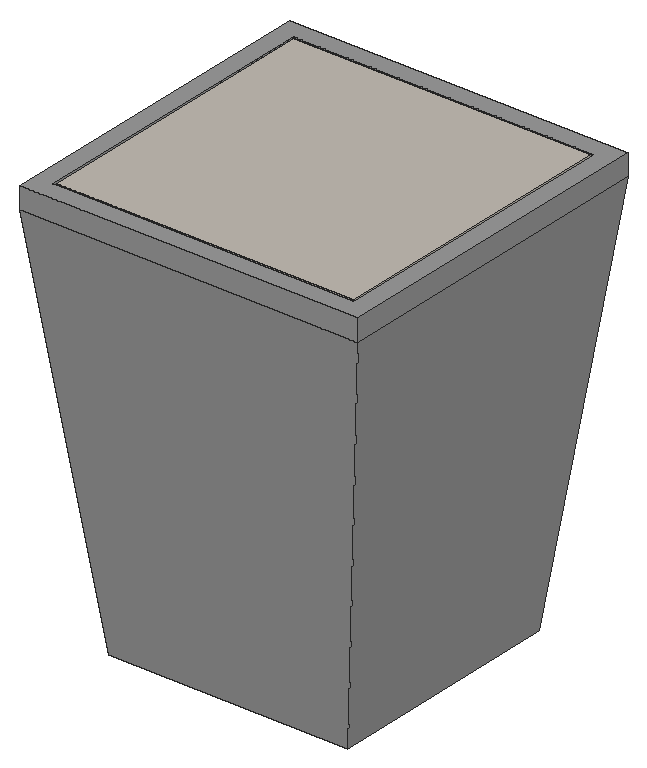
Revit family "ACO Cablemate Polycrete", category Mechanical Equipment, Revit 2016
Family settings
  Part Type = Normal
  Round Connector Dimension = Use Diameter
  OmniClass Number = 23.30.10.27.27
  OmniClass Title = Security Hatches
  Work Plane-Based = No
  Always vertical = Yes
  Cut with Voids When Loaded = No
  Shared = Yes
  Room Calculation Point = Yes
Parameters (values of type "Type 33")
  width_05_C_ANZRS [instance] = size_lookup(lookup_table_name, "W5", 0 mm, type_index, material_index)  # 315 mm
  width_04_C_ANZRS [instance] = size_lookup(lookup_table_name, "W3", 0 mm, type_index, material_index)  # 220 mm
  width_03_C_ANZRS [instance] = size_lookup(lookup_table_name, "W3", 0 mm, type_index, material_index)  # 220 mm
  width_02_C_ANZRS [instance] = size_lookup(lookup_table_name, "W2", 0 mm, type_index, material_index)  # 353 mm
  width_01_C_ANZRS [instance] = size_lookup(lookup_table_name, "W1", 0 mm, type_index, material_index)  # 250 mm
  type_index = 1
  riser_height_2 [instance] = if(riser_2, 1000 mm, 1000 mm)  # 1000 mm
  riser_height_1 [instance] = if(and(riser_1, riser_2, not(riser_check)), 1300 mm, 999 mm)  # 999 mm
  riser_height [instance] = if(type_index = 1, 1325 mm, 1500 mm)  # 1325 mm
  riser_check [instance] = or(type_index = 6, type_index = 7)  # no
  riser_availability [instance] = if(riser_check, "No riser available", "-")  # "-"
  riser_2_check [instance] = and(riser_2, riser_1, or(type_index = 1, type_index = 2, type_index = 3, type_index = 4, type_index = 5, type_index = 8, type_index = 9, type_index = 10))  # no
  riser_2 [instance] = no
  riser_1_check [instance] = and(riser_1, or(type_index = 1, type_index = 2, type_index = 3, type_index = 4, type_index = 5, type_index = 8, type_index = 9, type_index = 10))  # no
  riser_1 [instance] = no
  region_index = 1  # constant formula
  product_index [instance] = size_lookup(lookup_table_name, "pi", 0, type_index, material_index)  # 1
  product_assortment_C_ANZRS [instance] = "Cablemate"  # constant formula
  pit_height [instance] = if(and(riser_check, (or(riser_1, riser_2))), 1000 mm, if(and(riser_1, riser_2), 1600 mm, if(riser_1, 1300 mm, 1000 mm)))  # 1000 mm
  net_mass_S_ANZRS [instance] = if(product_index = 10, 162.00 kg, if(product_index = 9, 95.00 kg, if(product_index = 8, 84.00 kg, if(product_index = 7, 52.00 kg, if(product_index = 6, 19.00 kg, if(product_index = 5, 147.00 kg, if(product_index = 4, 116.00 kg, if(product_index = 3, 62.00 kg, if(product_index = 2, 45.00 kg, if(product_index = 1, 19.00 kg, 0.00 kg))))))))))  # 19.00 kg
  material_index [instance] = 1  # constant formula
  material_C_ANZRS = Polymer Concrete
  lookup_table_name = "Cable pit"  # constant formula
  lids [instance] = lids_assembly : Polymer concrete lid -Blank
  length_05_C_ANZRS [instance] = size_lookup(lookup_table_name, "L5", 0 mm, type_index, material_index)  # 315 mm
  length_04_C_ANZRS [instance] = size_lookup(lookup_table_name, "L4", 0 mm, type_index, material_index)  # 262 mm
  length_03_C_ANZRS [instance] = size_lookup(lookup_table_name, "L3", 0 mm, type_index, material_index)  # 220 mm
  length_02_C_ANZRS [instance] = size_lookup(lookup_table_name, "L2", 0 mm, type_index, material_index)  # 353 mm
  length_01_C_ANZRS [instance] = size_lookup(lookup_table_name, "L1", 0 mm, type_index, material_index)  # 250 mm
  intended_use_C_ANZRS = "Electricity and communications"  # constant formula
  instructions_for_use = "https://www.acocablemate.com.au/product-support/installation-guidance/"
  installation_manual = "https://www.acocablemate.com.au/product-support/installation-guidance/"
  info_technical_C_ANZRS = "https://www.acocablemate.com.au/product-support/downloads/?id=0"
  info_commercial_C_ANZRS = "https://www.acocablemate.com.au/product-support/downloads/?id=0"
  height_04_C_ANZRS [instance] = size_lookup(lookup_table_name, "H4", 0 mm, type_index, material_index)  # 20 mm
  height_03_C_ANZRS [instance] = pit_height  # 1000 mm
  height_02_C_ANZRS [instance] = size_lookup(lookup_table_name, "H2", 0 mm, type_index, material_index)  # 421 mm
  height_01_C_ANZRS [instance] = size_lookup(lookup_table_name, "H1", 0 mm, type_index, material_index)  # 444 mm
  email sales = "sales@acoaus.com.au"
  email Technical = "sales@acoaus.com.au"
  description_C_ANZRS [instance] = if(product_index = 10, "Type 8 Pit", if(product_index = 9, "Type 96 Pit", if(product_index = 8, "Type 95 Pit", if(product_index = 7, "Type 63 Pit", if(product_index = 6, "Type 52 Pit", if(product_index = 5, "Type 99 Pit", if(product_index = 4, "Type 66H Pit", if(product_index = 3, "Type 66 Pit", if(product_index = 2, "Type 45 Pit", if(product_index = 1, "Type 33 Pit", "0"))))))))))  # "Type 33 Pit"
  desc_uk [instance] = if(product_index = 10, "Type 8 Pit", if(product_index = 9, "Type 96 Pit", if(product_index = 8, "Type 95 Pit", if(product_index = 7, "Type 63 Pit", if(product_index = 6, "Type 52 Pit", if(product_index = 5, "Type 99 Pit", if(product_index = 4, "Type 66H Pit", if(product_index = 3, "Type 66 Pit", if(product_index = 2, "Type 45 Pit", if(product_index = 1, "Type 33 Pit", "0"))))))))))  # "Type 33 Pit"
  content_version_C_ANZRS = "1.0"  # constant formula
  content_date_changed_C_ANZRS = "07-07-2020"  # constant formula
  content_creator_C_ANZRS = "ACO Technology Centre, INDIA"  # constant formula
  code_specification_URL_C_ANZRS = ""
  code_gtin_C_ANZRS [instance] = "-"  # constant formula
  code_article_C_ANZRS [instance] = if(product_index = 10, "74991", if(product_index = 9, "74429", if(product_index = 8, "74845", if(product_index = 7, "74747", if(product_index = 6, "74651", if(product_index = 5, "75489", if(product_index = 4, "75226", if(product_index = 3, "75105", if(product_index = 2, "75362", if(product_index = 1, "75244", "0"))))))))))  # "75244"
  WARNING! [instance] = if(and(riser_2, not(riser_1)), "selection of riser is from 1 and then 2", "")  # ""
  URL = "www.acocablemate.com.au"
  Type Comments = "Polymer concrete pits have excellent insulation properties, high mechanical strengths, chemical resistance and zero water absorption, which makes them ideal as electrical and communications enclosures. "  # constant formula
  Telephone = "1300 765 226"  # constant formula
  Model = "ACO Polymer Concrete Pit with lids and riser assembly"  # constant formula
  Manufacturer = "ACO"  # constant formula
  IfcExportType = "Gridtype"  # constant formula
  IfcExportAs = "UserDefined"  # constant formula
  IfcDescription = Description  # "Cablemate"
  Description = "Cablemate"  # constant formula
  D1 [instance] = size_lookup(lookup_table_name, "D1", 0 mm, type_index)  # 120 mm
  B [instance] = size_lookup(lookup_table_name, "B", 0 mm, type_index, material_index)  # 153 mm
  Assembly Code = ""
  Address = "ACO Pty Ltd, Australia"  # constant formula
  A [instance] = size_lookup(lookup_table_name, "A", 0 mm, type_index, material_index)  # 153 mm
Types (10, lengths in mm): name | width_05_C_ANZRS | width_04_C_ANZRS | width_03_C_ANZRS | width_02_C_ANZRS | width_01_C_ANZRS | type_index | riser_height | riser_check | riser_availability | product_index | net_mass_S_ANZRS | lids | length_05_C_ANZRS | length_04_C_ANZRS | length_03_C_ANZRS | length_02_C_ANZRS | length_01_C_ANZRS | height_04_C_ANZRS | height_02_C_ANZRS | height_01_C_ANZRS | description_C_ANZRS | desc_uk | code_article_C_ANZRS | B | A
  Type 33 | 315 | 220 | 220 | 353 | 250 | 1 | 1325 | no | "-" | 1 | 19.00 kg | lids_assembly : Polymer concrete lid -Blank | 315 | 262 | 220 | 353 | 250 | 20 | 421 | 444 | "Type 33 Pit" | "Type 33 Pit" | "75244" | 153 | 153
  Type 45 | 475 | 366 | 366 | 511 | 399 | 2 | 1500 | no | "-" | 2 | 45.00 kg | lids_assembly : Polymer concrete lid -Blank | 475 | 421 | 366 | 511 | 399 | 50 | 547 | 604 | "Type 45 Pit" | "Type 45 Pit" | "75362" | 311 | 311
  Type 66 | 625 | 514 | 514 | 663 | 544 | 3 | 1500 | no | "-" | 3 | 62.00 kg | lids_assembly : Polymer concrete lid -Blank | 625 | 571 | 514 | 663 | 544 | 50 | 563 | 618 | "Type 66 Pit" | "Type 66 Pit" | "75105" | 463 | 463
  Type 66H | 625 | 483 | 483 | 663 | 512 | 4 | 1500 | no | "-" | 4 | 116.00 kg | lids_assembly : Polymer concrete lid -Blank | 625 | 571 | 483 | 663 | 512 | 50 | 864 | 918 | "Type 66H Pit" | "Type 66H Pit" | "75226" | 463 | 463
  Type 99 | 940 | 820 | 820 | 990 | 855 | 5 | 1500 | no | "-" | 5 | 147.00 kg | lids_assembly : Polymer concrete lid -Blank | 940 | 875 | 820 | 990 | 855 | 50 | 517 | 582 | "Type 99 Pit" | "Type 99 Pit" | "75489" | 790 | 790
  Type 52 | 190 | 111 | 111 | 228 | 140 | 6 | 1500 | yes | "No riser available" | 6 | 19.00 kg | lids_assembly : Polymer concrete lid -Blank | 477 | 439 | 398 | 515 | 427 | 20 | 411 | 436 | "Type 52 Pit" | "Type 52 Pit" | "74651" | 28 | 315
  Type 63 | 265 | 153 | 153 | 303 | 183 | 7 | 1500 | yes | "No riser available" | 7 | 52.00 kg | lids_assembly : Polymer concrete lid -Blank | 614 | 576 | 502 | 652 | 532 | 20 | 720 | 743 | "Type 63 Pit" | "Type 63 Pit" | "74747" | 103 | 452
  Type 95 | 472 | 365 | 365 | 510 | 394 | 8 | 1500 | no | "-" | 8 | 84.00 kg | lids_assembly : Cement concrete lid -Communications | 940 | 876 | 823 | 978 | 852 | 50 | 533 | 588 | "Type 95 Pit" | "Type 95 Pit" | "74845" | 310 | 778
  Type 96 | 645 | 527 | 527 | 683 | 554 | 9 | 1500 | no | "-" | 9 | 95.00 kg | lids_assembly : Polymer concrete lid -Blank | 945 | 891 | 827 | 983 | 864 | 50 | 562 | 618 | "Type 96 Pit" | "Type 96 Pit" | "74429" | 483 | 783
  Type 8 | 505 | 342 | 342 | 541 | 388 | 10 | 1500 | no | "-" | 10 | 162.00 kg | lids_assembly : Steel lid | 1315 | 1251 | 1168 | 1351 | 1198 | 50 | 841 | 902 | "Type 8 Pit" | "Type 8 Pit" | "74991" | 341 | 1151
Reference planes
  plane 1 "Center (Front/Back)": y = 0
  plane 2: z = 0
  plane 3 "Center (Left/Right)": x = 0
  plane 4: x = -125
  plane 5: x = 125
  plane 6: y = 125
  plane 7: y = -125
  plane 8: x = -176.5
  plane 9: y = -176.5
  plane 10: x = 176.5
  plane 11: y = 176.5
  plane 12: z = -1444
  plane 13: z = -1023
  plane 14: z = -1000
  plane 15: x = -110
  plane 16: y = -110
  plane 17: x = 110
  plane 18: y = 110
  plane 19: x = -110
  plane 20: y = 131
  plane 21: x = 110
  plane 22: y = -131
  plane 23: z = -1429
  plane 24: x = -157.5
  plane 25: y = -157.5
  plane 26: x = 157.5
  plane 27: y = 157.5
  plane 28: z = -1020
  plane 29: y = -76.5
  plane 30: y = -176.5
  plane 31: y = 76.5
  plane 32: y = 176.5
  plane 33: x = -176.5
  plane 34: x = 176.5
  plane 35: x = 76.5
  plane 36: x = -76.5
  plane 37 "top": z = -1000
Forms (mm)
  Blend 1, solid, material "Polymer Concrete" <- "material_C_ANZRS"
    base sketch origin (0, 0, 0) x (1, 0, 0) y (0, 1, 0)
      loop
        line (-125, 125) -> (-125, -125) -> (125, -125) -> (125, 125) -> (-125, 125)
    top sketch origin (0, 0, 0) x (1, 0, 0) y (0, 1, 0)
      loop
        line (-176.5, 176.5) -> (-176.5, -176.5) -> (176.5, -176.5) -> (176.5, 176.5) -> (-176.5, 176.5)
    from -1444 to -1023
  Extrusion 2, solid, material "Polymer Concrete" <- "material_C_ANZRS"
    sketch origin (42.043, 0, 0) x (1, 0, 0) y (0, 1, 0)
      loop
        line (-218.543, 176.5) -> (-218.543, -176.5) -> (134.457, -176.5) -> (134.457, 176.5) -> (-218.543, 176.5)
    from -1023 to -1000
  Blend 3, void
    base sketch origin (0, 0, 0) x (1, 0, 0) y (0, 1, 0)
      loop
        line (-110, 110) -> (-110, -110) -> (110, -110) -> (110, 110) -> (-110, 110)
    top sketch origin (0, 0, 0) x (1, 0, 0) y (0, 1, 0)
      loop
        line (-110, 131) -> (-110, -131) -> (110, -131) -> (110, 131) -> (-110, 131)
    from -1429 to -1000
  Extrusion 4, void
    sketch origin (0, 0, 0) x (1, 0, 0) y (0, 1, 0)
      loop
        line (-157.5, 157.5) -> (-157.5, -157.5) -> (157.5, -157.5) -> (157.5, 157.5) -> (-157.5, 157.5)
    from -1020 to -1000
Cuts and joins
  Blend 3 cuts Blend 1
  Blend 3, Extrusion 4 cuts Extrusion 2
  joined: Blend 1, Extrusion 2
Dimensions and locks
  equal spacing: plane 6, plane 1 "Center (Front/Back)", plane 7
  equal spacing: plane 4, plane 3 "Center (Left/Right)", plane 5
  "length_01_C_ANZRS": plane 6 to plane 7
  "width_01_C_ANZRS": plane 4 to plane 5
  equal spacing: plane 9, plane 1 "Center (Front/Back)", plane 11
  equal spacing: plane 8, plane 3 "Center (Left/Right)", plane 10
  "length_02_C_ANZRS": plane 9 to plane 11
  "width_02_C_ANZRS": plane 8 to plane 10
  "height_02_C_ANZRS": plane 13 to plane 12
  "height_03_C_ANZRS": level to plane 14
  "height_01_C_ANZRS": plane 14 to plane 12
  equal spacing: plane 18, plane 1 "Center (Front/Back)", plane 16
  equal spacing: plane 15, plane 3 "Center (Left/Right)", plane 17
  "length_03_C_ANZRS": plane 18 to plane 16
  "width_03_C_ANZRS": plane 15 to plane 17
  equal spacing: plane 20, plane 1 "Center (Front/Back)", plane 22
  equal spacing: plane 19, plane 3 "Center (Left/Right)", plane 21
  "length_04_C_ANZRS": plane 20 to plane 22
  "width_04_C_ANZRS": plane 19 to plane 21
  locked: plane 23 to plane 12 at 15
  equal spacing: plane 27, plane 1 "Center (Front/Back)", plane 25
  equal spacing: plane 24, plane 3 "Center (Left/Right)", plane 26
  "length_05_C_ANZRS": plane 27 to plane 25
  "width_05_C_ANZRS": plane 24 to plane 26
  "height_04_C_ANZRS": plane 14 to plane 28
  locked: plane 29 to plane 30 at 100
  equal spacing: plane 31, plane 1 "Center (Front/Back)", plane 29
  locked: plane 32 to plane 31 at 100
  "A": plane 31 to plane 29
  equal spacing: plane 35, plane 3 "Center (Left/Right)", plane 36
  "B": plane 35 to plane 36
  locked: plane 36 to plane 33 at 100
  locked: plane 34 to plane 35 at 100
  "riser_height_1": level to nested 3
  "riser_height_2": level to nested 4
  locked: level to plane 37 "top" at 1000
  aligned and locked: level to plane 2
  aligned and locked: Blend 1 sketch curve to plane 6
  aligned and locked: plane 4 to Blend 1 sketch curve
  aligned and locked: plane 7 to Blend 1 sketch curve
  aligned and locked: Blend 1 sketch curve to plane 5
  aligned and locked: plane 11 to Blend 1 sketch curve
  aligned and locked: plane 8 to Blend 1 sketch curve
  aligned and locked: plane 9 to Blend 1 sketch curve
  aligned and locked: plane 10 to Blend 1 sketch curve
  aligned and locked: plane 12 to Blend 1
  aligned and locked: plane 13 to Blend 1
  aligned and locked: Extrusion 2 sketch curve to Blend 1  (x2)
  aligned and locked: Blend 3 sketch curve to plane 18
  aligned and locked: plane 15 to Blend 3 sketch curve
  aligned and locked: plane 16 to Blend 3 sketch curve
  aligned and locked: Blend 3 sketch curve to plane 17
  aligned and locked: Blend 3 sketch curve to plane 20
  aligned and locked: plane 19 to Blend 3 sketch curve
  aligned and locked: plane 22 to Blend 3 sketch curve
  aligned and locked: Blend 3 sketch curve to plane 21
  aligned and locked: Blend 3 to plane 23
  aligned and locked: plane 14 to Blend 3
  aligned and locked: Extrusion 4 sketch curve to plane 27
  aligned and locked: plane 24 to Extrusion 4 sketch curve
  aligned and locked: plane 25 to Extrusion 4 sketch curve
  aligned and locked: plane 26 to Extrusion 4 sketch curve
  aligned and locked: Extrusion 4 to plane 28
  aligned and locked: plane 14 to Extrusion 4
  aligned and locked: cut or joined group of Blend 1, Extrusion 2, Blend 3, Extrusion 4 to plane 34
  aligned and locked: cut or joined group of Blend 1, Extrusion 2, Blend 3, Extrusion 4 to plane 33
  aligned and locked: Extrusion 2 to Blend 1
  aligned and locked: plane 14 to cut or joined group of Blend 1, Extrusion 2, Blend 3, Extrusion 4
Automatic sketch dimensions
  Extrusion 2 sketch curve to plane 3 "Center (Left/Right)" = 176.5 mm
  plane 3 "Center (Left/Right)" to Extrusion 2 sketch curve = 176.5 mm
Nested families
  nested 1: "lids_assembly" at (0, 0, -1000), type_index <- "type_index", type <- "lids", type "Polymer concrete lid -Blank"
    with type_index 1
  nested 2: "ZZZ_do not use_ME_cablemate_lid_ACO" at (0, 0, -1000), type "std(nested)"
    with type_index 1, product_index 1, product_assortment_C_ANZRS "Cablemate", net_mass_S_ANZRS 6.00 kg, material_index 1, material_01_C_ANZRS concrete, polymer, length_02_C_ANZRS 310 mm, length_01_C_ANZRS 310 mm, functionality_index 1, description_C_ANZRS "Type 33 Polymer concrete lid (AS 3996 Cl A) - Blank ", desc_uk "Type 33 Polymer concrete lid (AS 3996 Cl A) - Blank ", depth_01_C_ANZRS 20 mm, code_gtin_C_ANZRS "-", code_article_C_ANZRS "75282", 2_lid_visibility no
  nested 3: "ZZZ_do not use_ME_cablemate_riser_ACO" at (0, 0, -999), material_C_ANZRS <- "material_C_ANZRS", type_index <- "type_index", visible <- "riser_1_check", soldis_visible <- "riser_1_check", type "std(nested)"
    with width_04_C_ANZRS 278 mm, width_03_C_ANZRS 263 mm, width_02_C_ANZRS 309 mm, width_01_C_ANZRS 351 mm, type_index 1, soldis_visible no, product_index 1, product_assortment_C_ANZRS "Cablemate", net_mass_S_ANZRS 15.00 kg, material_index 1, material_C_ANZRS Polymer Concrete, length_04_C_ANZRS 278 mm, length_03_C_ANZRS 263 mm, length_02_C_ANZRS 309 mm, length_01_C_ANZRS 351 mm, height_02_C_ANZRS 20 mm, height_01_C_ANZRS 320 mm, description_C_ANZRS " Type 33 polymer concrete riser", desc_uk " Type 33 polymer concrete riser", code_gtin_C_ANZRS "-", code_article_C_ANZRS "75265"
  nested 4: "ZZZ_do not use_ME_cablemate_riser_ACO" at (0, 0, -1000), visible <- "riser_2_check", material_C_ANZRS <- "material_C_ANZRS", type_index <- "type_index", soldis_visible <- "riser_2_check", type "std(nested)"
    with width_04_C_ANZRS 278 mm, width_03_C_ANZRS 263 mm, width_02_C_ANZRS 309 mm, width_01_C_ANZRS 351 mm, type_index 1, soldis_visible no, product_index 1, product_assortment_C_ANZRS "Cablemate", net_mass_S_ANZRS 15.00 kg, material_index 1, material_C_ANZRS Polymer Concrete, length_04_C_ANZRS 278 mm, length_03_C_ANZRS 263 mm, length_02_C_ANZRS 309 mm, length_01_C_ANZRS 351 mm, height_02_C_ANZRS 20 mm, height_01_C_ANZRS 320 mm, description_C_ANZRS " Type 33 polymer concrete riser", desc_uk " Type 33 polymer concrete riser", code_gtin_C_ANZRS "-", code_article_C_ANZRS "75265"
Definition of nested family "ZZZ_do not use_ME_cablemate_lid_ACO"
  Parameters (values of type "std(nested)")
    type_index [instance] = 1
    region_index = 1  # constant formula
    product_index [instance] = size_lookup(lookup_table_name, "pi", 0, type_index, material_index, functionality_index)  # 1
    product_assortment_C_ANZRS [instance] = "Cablemate"  # constant formula
    net_mass_S_ANZRS [instance] = if(product_index = 47, 39.00 kg, if(product_index = 46, 30.00 kg, if(product_index = 45, 46.00 kg, if(product_index = 44, 46.00 kg, if(product_index = 43, 46.00 kg, if(product_index = 42, 39.00 kg, if(product_index = 41, 31.00 kg, if(product_index = 40, 69.00 kg, if(product_index = 39, 69.00 kg, if(product_index = 38, 69.00 kg, if(product_index = 37, 25.00 kg, if(product_index = 36, 20.00 kg, if(product_index = 35, 29.00 kg, if(product_index = 34, 29.00 kg, if(product_index = 33, 29.00 kg, if(product_index = 32, 6.00 kg, if(product_index = 31, 9.00 kg, if(product_index = 30, 9.00 kg, if(product_index = 29, 9.00 kg, if(product_index = 28, 3.00 kg, if(product_index = 27, 5.00 kg, if(product_index = 26, 5.00 kg, if(product_index = 25, 5.00 kg, if(product_index = 24, 45.00 kg, if(product_index = 23, 45.00 kg, if(product_index = 22, 62.00 kg, if(product_index = 21, 62.00 kg, if(product_index = 20, 62.00 kg, if(product_index = 19, 22.00 kg, if(product_index = 18, 17.00 kg, if(product_index = 17, 24.00 kg, if(product_index = 16, 24.00 kg, if(product_index = 15, 24.00 kg, if(product_index = 14, 22.00 kg, if(product_index = 13, 17.00 kg, if(product_index = 12, 24.00 kg, if(product_index = 11, 24.00 kg, if(product_index = 10, 24.00 kg, if(product_index = 9, 14.00 kg, if(product_index = 8, 11.00 kg, if(product_index = 7, 15.00 kg, if(product_index = 6, 15.00 kg, if(product_index = 5, 15.00 kg, if(product_index = 4, 3.00 kg, if(product_index = 3, 6.00 kg, if(product_index = 2, 6.00 kg, if(product_index = 1, 6.00 kg, 0.00 kg)))))))))))))))))))))))))))))))))))))))))))))))  # 6.00 kg
    material_index [instance] = 1
    material_01_C_ANZRS [instance] = none
    lookup_table_name = "cable pit_lid"  # constant formula
    length_02_C_ANZRS [instance] = size_lookup(lookup_table_name, "w", 0 mm, type_index, material_index, functionality_index)  # 310 mm
    length_01_C_ANZRS [instance] = size_lookup(lookup_table_name, "l", 0 mm, type_index, material_index, functionality_index)  # 310 mm
    intended_use_C_ANZRS = "Electricity and communications"  # constant formula
    instructions_for_use = "https://www.acocablemate.com.au/product-support/installation-guidance/"
    installation_manual = "https://www.acocablemate.com.au/product-support/installation-guidance/"
    info_technical_C_ANZRS = "https://www.acocablemate.com.au/product-support/downloads/?id=0"
    info_commercial_C_ANZRS = "https://www.acocablemate.com.au/product-support/downloads/?id=0"
    functionality_index [instance] = 1
    e-mail sales = "sales@acoaus.com.au"
    e-mail Technical = "sales@acoaus.com.au"
    description_C_ANZRS [instance] = if(product_index = 47, "Type 8 Steel 2 part PowerLok lid (AS 3996 Cl B) ", if(product_index = 46, "Type 8 Steel 2 part lid (AS 3996 Cl B)", if(product_index = 45, "Type 8 Cement concrete 2 part lid (AS 3996 Cl A) - Electricity ", if(product_index = 44, "Type 8 Cement concrete 2 part lid (AS 3996 Cl A) - Communications ", if(product_index = 43, "Type 8 Cement concrete 2 part lid (AS 3996 Cl A) - Blank ", if(product_index = 42, "Type 96 Steel 2 part PowerLok lid (AS 3996 Cl B) ", if(product_index = 41, "Type 96 Steel 2 part lid (AS 3996 Cl B)", if(product_index = 40, "Type 96 Polymer concrete 2 part lid (AS 3996 Cl A) - Electricity ", if(product_index = 39, "Type 96 Polymer concrete 2 part lid (AS 3996 Cl A) - Communications ", if(product_index = 38, "Type 96 Polymer concrete 2 part lid (AS 3996 Cl A) - Blank ", if(product_index = 37, "Type 95 Steel PowerLok lid (AS 3996 Cl B) ", if(product_index = 36, "Type 95 Steel lid (AS 3996 Cl B)", if(product_index = 35, "Type 95 Polymer concrete lid (AS 3996 Cl A) - Electricity ", if(product_index = 34, "Type 95 Polymer concrete lid (AS 3996 Cl A) - Communications ", if(product_index = 33, "Type 95 Polymer concrete lid (AS 3996 Cl A) - Blank ", if(product_index = 32, "Type 63 Steel lid (AS 3996 Cl B)", if(product_index = 31, "Type 63 Polymer concrete lid (AS 3996 Cl A) - Electricity ", if(product_index = 30, "Type 63 Polymer concrete lid (AS 3996 Cl A) - Communications ", if(product_index = 29, "Type 63 Polymer concrete lid (AS 3996 Cl A) - Blank ", if(product_index = 28, "Type 52 Steel lid (AS 3996 Cl B)", if(product_index = 27, "Type 52 Polymer concrete lid (AS 3996 Cl A) - Electricity ", if(product_index = 26, "Type 52 Polymer concrete lid (AS 3996 Cl A) - Communications ", if(product_index = 25, "Type 52 Polymer concrete lid (AS 3996 Cl A) - Blank ", if(product_index = 24, "Type 99 Steel 2 part PowerLok lid (AS 3996 Cl B) ", if(product_index = 23, "Type 99 Steel 2 part lid (AS 3996 Cl B)", if(product_index = 22, "Type 99 Polymer concrete 2 part lid (AS 3996 Cl A) - Electricity ", if(product_index = 21, "Type 99 Polymer concrete 2 part lid (AS 3996 Cl A) - Communications ", if(product_index = 20, "Type 99 Polymer concrete 2 part lid (AS 3996 Cl A) - Blank ", if(product_index = 19, "Type 66H Steel PowerLok lid (AS 3996 Cl B) ", if(product_index = 18, "Type 66H Steel lid (AS 3996 Cl B)", if(product_index = 17, "Type 66H Polymer concrete lid (AS 3996 Cl A) - Electricity ", if(product_index = 16, "Type 66H Polymer concrete lid (AS 3996 Cl A) - Communications ", if(product_index = 15, "Type 66H Polymer concrete lid (AS 3996 Cl A) - Blank ", if(product_index = 14, "Type 66 Steel PowerLok lid (AS 3996 Cl B)", if(product_index = 13, "Type 66 Steel lid (AS 3996 Cl B)", if(product_index = 12, "Type 66 Polymer concrete lid (AS 3996 Cl A) - Electricity ", if(product_index = 11, "Type 66 Polymer concrete lid (AS 3996 Cl A) - Communications ", if(product_index = 10, "Type 66 Polymer concrete lid (AS 3996 Cl A) - Blank ", if(product_index = 9, "Type 45 Steel PowerLok lid (AS 3996 Cl B)", if(product_index = 8, "Type 45 Steel lid (AS 3996 Cl B)", if(product_index = 7, "Type 45 Polymer concrete lid (AS 3996 Cl A) - Electricity ", if(product_index = 6, "Type 45 Polymer concrete lid (AS 3996 Cl A) - Communications ", if(product_index = 5, "Type 45 Polymer concrete lid (AS 3996 Cl A) - Blank ", if(product_index = 4, "Type 33 Steel lid (AS 3996 Cl B)", if(product_index = 3, "Type 33 Polymer concrete lid (AS 3996 Cl A) - Electricity ", if(product_index = 2, "Type 33 Polymer concrete lid (AS 3996 Cl A) - Communications", if(product_index = 1, "Type 33 Polymer concrete lid (AS 3996 Cl A) - Blank ", "NA")))))))))))))))))))))))))))))))))))))))))))))))  # "Type 33 Polymer concrete lid (AS 3996 Cl A) - Blank "
    desc_uk [instance] = if(product_index = 47, "Type 8 Steel 2 part PowerLok lid (AS 3996 Cl B) ", if(product_index = 46, "Type 8 Steel 2 part lid (AS 3996 Cl B)", if(product_index = 45, "Type 8 Cement concrete 2 part lid (AS 3996 Cl A) - Electricity ", if(product_index = 44, "Type 8 Cement concrete 2 part lid (AS 3996 Cl A) - Communications ", if(product_index = 43, "Type 8 Cement concrete 2 part lid (AS 3996 Cl A) - Blank ", if(product_index = 42, "Type 96 Steel 2 part PowerLok lid (AS 3996 Cl B) ", if(product_index = 41, "Type 96 Steel 2 part lid (AS 3996 Cl B)", if(product_index = 40, "Type 96 Polymer concrete 2 part lid (AS 3996 Cl A) - Electricity ", if(product_index = 39, "Type 96 Polymer concrete 2 part lid (AS 3996 Cl A) - Communications ", if(product_index = 38, "Type 96 Polymer concrete 2 part lid (AS 3996 Cl A) - Blank ", if(product_index = 37, "Type 95 Steel PowerLok lid (AS 3996 Cl B) ", if(product_index = 36, "Type 95 Steel lid (AS 3996 Cl B)", if(product_index = 35, "Type 95 Polymer concrete lid (AS 3996 Cl A) - Electricity ", if(product_index = 34, "Type 95 Polymer concrete lid (AS 3996 Cl A) - Communications ", if(product_index = 33, "Type 95 Polymer concrete lid (AS 3996 Cl A) - Blank ", if(product_index = 32, "Type 63 Steel lid (AS 3996 Cl B)", if(product_index = 31, "Type 63 Polymer concrete lid (AS 3996 Cl A) - Electricity ", if(product_index = 30, "Type 63 Polymer concrete lid (AS 3996 Cl A) - Communications ", if(product_index = 29, "Type 63 Polymer concrete lid (AS 3996 Cl A) - Blank ", if(product_index = 28, "Type 52 Steel lid (AS 3996 Cl B)", if(product_index = 27, "Type 52 Polymer concrete lid (AS 3996 Cl A) - Electricity ", if(product_index = 26, "Type 52 Polymer concrete lid (AS 3996 Cl A) - Communications ", if(product_index = 25, "Type 52 Polymer concrete lid (AS 3996 Cl A) - Blank ", if(product_index = 24, "Type 99 Steel 2 part PowerLok lid (AS 3996 Cl B) ", if(product_index = 23, "Type 99 Steel 2 part lid (AS 3996 Cl B)", if(product_index = 22, "Type 99 Polymer concrete 2 part lid (AS 3996 Cl A) - Electricity ", if(product_index = 21, "Type 99 Polymer concrete 2 part lid (AS 3996 Cl A) - Communications ", if(product_index = 20, "Type 99 Polymer concrete 2 part lid (AS 3996 Cl A) - Blank ", if(product_index = 19, "Type 66H Steel PowerLok lid (AS 3996 Cl B) ", if(product_index = 18, "Type 66H Steel lid (AS 3996 Cl B)", if(product_index = 17, "Type 66H Polymer concrete lid (AS 3996 Cl A) - Electricity ", if(product_index = 16, "Type 66H Polymer concrete lid (AS 3996 Cl A) - Communications ", if(product_index = 15, "Type 66H Polymer concrete lid (AS 3996 Cl A) - Blank ", if(product_index = 14, "Type 66 Steel PowerLok lid (AS 3996 Cl B)", if(product_index = 13, "Type 66 Steel lid (AS 3996 Cl B)", if(product_index = 12, "Type 66 Polymer concrete lid (AS 3996 Cl A) - Electricity ", if(product_index = 11, "Type 66 Polymer concrete lid (AS 3996 Cl A) - Communications ", if(product_index = 10, "Type 66 Polymer concrete lid (AS 3996 Cl A) - Blank ", if(product_index = 9, "Type 45 Steel PowerLok lid (AS 3996 Cl B)", if(product_index = 8, "Type 45 Steel lid (AS 3996 Cl B)", if(product_index = 7, "Type 45 Polymer concrete lid (AS 3996 Cl A) - Electricity ", if(product_index = 6, "Type 45 Polymer concrete lid (AS 3996 Cl A) - Communications ", if(product_index = 5, "Type 45 Polymer concrete lid (AS 3996 Cl A) - Blank ", if(product_index = 4, "Type 33 Steel lid (AS 3996 Cl B)", if(product_index = 3, "Type 33 Polymer concrete lid (AS 3996 Cl A) - Electricity ", if(product_index = 2, "Type 33 Polymer concrete lid (AS 3996 Cl A) - Communications", if(product_index = 1, "Type 33 Polymer concrete lid (AS 3996 Cl A) - Blank ", "NA")))))))))))))))))))))))))))))))))))))))))))))))  # "Type 33 Polymer concrete lid (AS 3996 Cl A) - Blank "
    depth_01_C_ANZRS [instance] = size_lookup(lookup_table_name, "d", 0 mm, type_index, material_index, functionality_index)  # 20 mm
    content_version_C_ANZRS = "1.0"  # constant formula
    content_date_changed_C_ANZRS = ""
    content_creator_C_ANZRS = "ACO Technology Centre, INDIA"  # constant formula
    code_specification_URL_C_ANZRS = ""
    code_gtin_C_ANZRS [instance] = "-"  # constant formula
    code_article_C_ANZRS [instance] = if(product_index = 47, "76830", if(product_index = 46, "76820", if(product_index = 45, "75012", if(product_index = 44, "75011", if(product_index = 43, "75010", if(product_index = 42, "79630", if(product_index = 41, "79620", if(product_index = 40, "74650", if(product_index = 39, "74655", if(product_index = 38, "74660", if(product_index = 37, "79530", if(product_index = 36, "79520", if(product_index = 35, "74904", if(product_index = 34, "74893", if(product_index = 33, "74886", if(product_index = 32, "76320", if(product_index = 31, "74786", if(product_index = 30, "74772", if(product_index = 29, "74765", if(product_index = 28, "75520", if(product_index = 27, "74696", if(product_index = 26, "74682", if(product_index = 25, "74675", if(product_index = 24, "79930", if(product_index = 23, "79920", if(product_index = 22, "75541", if(product_index = 21, "75532", if(product_index = 20, "75525", if(product_index = 19, "76630", if(product_index = 18, "76620", if(product_index = 17, "75160", if(product_index = 16, "75154", if(product_index = 15, "75149", if(product_index = 14, "76630", if(product_index = 13, "76620", if(product_index = 12, "75160", if(product_index = 11, "75154", if(product_index = 10, "75149", if(product_index = 9, "74530", if(product_index = 8, "74521", if(product_index = 7, "74527", if(product_index = 6, "75414", if(product_index = 5, "75400", if(product_index = 4, "73320", if(product_index = 3, "75303", if(product_index = 2, "75299", if(product_index = 1, "75282", "Combination not available")))))))))))))))))))))))))))))))))))))))))))))))  # "75282"
    URL = "www.acocablemate.com.au"
    Telephone = "1300 765 226"  # constant formula
    Manufacturer = "ACO"  # constant formula
    IfcExportType = "Gridtype"  # constant formula
    IfcExportAs = "UserDefined"  # constant formula
    IfcDescription = Description  # "Cablemate"
    Description = "Cablemate"  # constant formula
    Address = "ACO Pty Ltd, Australia"  # constant formula
    2_lid_visibility [instance] = or(type_index = 10, type_index = 9, type_index = 5)  # no
  Reference planes
    plane 1 "Center (Front/Back)": y = 0
    plane 2: z = 0
    plane 3 "Center (Left/Right)": x = 0
    plane 4: x = -155
    plane 5: x = 155
    plane 6: y = 155
    plane 7: y = -155
    plane 8: z = -20
  Forms (mm)
    Extrusion 1, solid, material <- "material_01_C_ANZRS"
      sketch origin (0, 0, 0) x (1, 0, 0) y (0, 1, 0)
        loop
          line (-155, 155) -> (-155, -155) -> (155, -155) -> (155, 155) -> (-155, 155)
      from -20 to 0
  Lines and regions (mm)
    model lines, visible <- "2_lid_visibility"
      curve 1: line (155, -16.246, 0) -> (-155, 0, 0)
  Dimensions and locks
    equal spacing: plane 4, plane 3 "Center (Left/Right)", plane 5
    equal spacing: plane 6, plane 1 "Center (Front/Back)", plane 7
    "length_01_C_ANZRS": plane 6 to plane 7
    "length_02_C_ANZRS": plane 4 to plane 5
    "depth_01_C_ANZRS": level to plane 8
    aligned and locked: level to plane 2
    aligned and locked: Extrusion 1 sketch curve to plane 6
    aligned and locked: Extrusion 1 sketch curve to plane 5
    aligned and locked: plane 7 to Extrusion 1 sketch curve
    aligned and locked: plane 4 to Extrusion 1 sketch curve
    aligned and locked: level to Extrusion 1
    aligned and locked: Extrusion 1 to plane 8
    aligned and locked: Extrusion 1 to curve 1  (x2)
  Automatic sketch dimensions
    plane 1 "Center (Front/Back)" to curve 1 = 0 mm
    plane 1 "Center (Front/Back)" to curve 1 = 16.246 mm
Definition of nested family "lids_assembly"
  Parameters (values of type "Polymer concrete lid -Blank")
    type_index [instance] = 1
    material_index = 1
    material_01_C_ANZRS = none
    functionality index = 1
    Type Comments = "Do not count in BOM"  # constant formula
    Model = "Cablemate"  # constant formula
    Manufacturer = "ACO"  # constant formula
    Default Elevation = 1219.2 mm
  Types (8, lengths in mm): name | material_index | functionality index
    Polymer concrete lid -Blank | 1 | 1
    Polymer concrete lid -Communications | 1 | 2
    Polymer concrete lid -Electricity | 1 | 3
    Steel lid | 2 | 1
    Steel PowerLok lid | 2 | 2
    Cement concrete lid -Blank | 1 | 1
    Cement concrete lid -Communications | 3 | 2
    Cement concrete lid -Electricity | 3 | 3
  Reference planes
    plane 1 "Center (Front/Back)": y = 0
    plane 2: z = 0
    plane 3 "Center (Left/Right)": x = 0
  Dimensions and locks
    aligned and locked: level to plane 2
  Nested families
    nested 1: "ZZZ_do not use_ME_cablemate_lid_ACO" at (0, 0, 0), material_index <- "material_index", material_01_C_ANZRS <- "material_01_C_ANZRS", functionality_index <- "functionality index", type_index <- "type_index", type "std(nested)"
      with type_index 1, product_index 1, product_assortment_C_ANZRS "Cablemate", net_mass_S_ANZRS 6.00 kg, material_index 1, material_01_C_ANZRS none, length_02_C_ANZRS 310 mm, length_01_C_ANZRS 310 mm, functionality_index 1, description_C_ANZRS "Type 33 Polymer concrete lid (AS 3996 Cl A) - Blank ", desc_uk "Type 33 Polymer concrete lid (AS 3996 Cl A) - Blank ", depth_01_C_ANZRS 20 mm, code_gtin_C_ANZRS "-", code_article_C_ANZRS "75282", 2_lid_visibility no
  Definition of nested family "ZZZ_do not use_ME_cablemate_lid_ACO"
    Parameters (values of type "std(nested)")
      type_index [instance] = 1
      region_index = 1  # constant formula
      product_index [instance] = size_lookup(lookup_table_name, "pi", 0, type_index, material_index, functionality_index)  # 1
      product_assortment_C_ANZRS [instance] = "Cablemate"  # constant formula
      net_mass_S_ANZRS [instance] = if(product_index = 47, 39.00 kg, if(product_index = 46, 30.00 kg, if(product_index = 45, 46.00 kg, if(product_index = 44, 46.00 kg, if(product_index = 43, 46.00 kg, if(product_index = 42, 39.00 kg, if(product_index = 41, 31.00 kg, if(product_index = 40, 69.00 kg, if(product_index = 39, 69.00 kg, if(product_index = 38, 69.00 kg, if(product_index = 37, 25.00 kg, if(product_index = 36, 20.00 kg, if(product_index = 35, 29.00 kg, if(product_index = 34, 29.00 kg, if(product_index = 33, 29.00 kg, if(product_index = 32, 6.00 kg, if(product_index = 31, 9.00 kg, if(product_index = 30, 9.00 kg, if(product_index = 29, 9.00 kg, if(product_index = 28, 3.00 kg, if(product_index = 27, 5.00 kg, if(product_index = 26, 5.00 kg, if(product_index = 25, 5.00 kg, if(product_index = 24, 45.00 kg, if(product_index = 23, 45.00 kg, if(product_index = 22, 62.00 kg, if(product_index = 21, 62.00 kg, if(product_index = 20, 62.00 kg, if(product_index = 19, 22.00 kg, if(product_index = 18, 17.00 kg, if(product_index = 17, 24.00 kg, if(product_index = 16, 24.00 kg, if(product_index = 15, 24.00 kg, if(product_index = 14, 22.00 kg, if(product_index = 13, 17.00 kg, if(product_index = 12, 24.00 kg, if(product_index = 11, 24.00 kg, if(product_index = 10, 24.00 kg, if(product_index = 9, 14.00 kg, if(product_index = 8, 11.00 kg, if(product_index = 7, 15.00 kg, if(product_index = 6, 15.00 kg, if(product_index = 5, 15.00 kg, if(product_index = 4, 3.00 kg, if(product_index = 3, 6.00 kg, if(product_index = 2, 6.00 kg, if(product_index = 1, 6.00 kg, 0.00 kg)))))))))))))))))))))))))))))))))))))))))))))))  # 6.00 kg
      material_index [instance] = 1
      material_01_C_ANZRS [instance] = none
      lookup_table_name = "cable pit_lid"  # constant formula
      length_02_C_ANZRS [instance] = size_lookup(lookup_table_name, "w", 0 mm, type_index, material_index, functionality_index)  # 310 mm
      length_01_C_ANZRS [instance] = size_lookup(lookup_table_name, "l", 0 mm, type_index, material_index, functionality_index)  # 310 mm
      intended_use_C_ANZRS = "Electricity and communications"  # constant formula
      instructions_for_use = "https://www.acocablemate.com.au/product-support/installation-guidance/"
      installation_manual = "https://www.acocablemate.com.au/product-support/installation-guidance/"
      info_technical_C_ANZRS = "https://www.acocablemate.com.au/product-support/downloads/?id=0"
      info_commercial_C_ANZRS = "https://www.acocablemate.com.au/product-support/downloads/?id=0"
      functionality_index [instance] = 1
      e-mail sales = "sales@acoaus.com.au"
      e-mail Technical = "sales@acoaus.com.au"
      description_C_ANZRS [instance] = if(product_index = 47, "Type 8 Steel 2 part PowerLok lid (AS 3996 Cl B) ", if(product_index = 46, "Type 8 Steel 2 part lid (AS 3996 Cl B)", if(product_index = 45, "Type 8 Cement concrete 2 part lid (AS 3996 Cl A) - Electricity ", if(product_index = 44, "Type 8 Cement concrete 2 part lid (AS 3996 Cl A) - Communications ", if(product_index = 43, "Type 8 Cement concrete 2 part lid (AS 3996 Cl A) - Blank ", if(product_index = 42, "Type 96 Steel 2 part PowerLok lid (AS 3996 Cl B) ", if(product_index = 41, "Type 96 Steel 2 part lid (AS 3996 Cl B)", if(product_index = 40, "Type 96 Polymer concrete 2 part lid (AS 3996 Cl A) - Electricity ", if(product_index = 39, "Type 96 Polymer concrete 2 part lid (AS 3996 Cl A) - Communications ", if(product_index = 38, "Type 96 Polymer concrete 2 part lid (AS 3996 Cl A) - Blank ", if(product_index = 37, "Type 95 Steel PowerLok lid (AS 3996 Cl B) ", if(product_index = 36, "Type 95 Steel lid (AS 3996 Cl B)", if(product_index = 35, "Type 95 Polymer concrete lid (AS 3996 Cl A) - Electricity ", if(product_index = 34, "Type 95 Polymer concrete lid (AS 3996 Cl A) - Communications ", if(product_index = 33, "Type 95 Polymer concrete lid (AS 3996 Cl A) - Blank ", if(product_index = 32, "Type 63 Steel lid (AS 3996 Cl B)", if(product_index = 31, "Type 63 Polymer concrete lid (AS 3996 Cl A) - Electricity ", if(product_index = 30, "Type 63 Polymer concrete lid (AS 3996 Cl A) - Communications ", if(product_index = 29, "Type 63 Polymer concrete lid (AS 3996 Cl A) - Blank ", if(product_index = 28, "Type 52 Steel lid (AS 3996 Cl B)", if(product_index = 27, "Type 52 Polymer concrete lid (AS 3996 Cl A) - Electricity ", if(product_index = 26, "Type 52 Polymer concrete lid (AS 3996 Cl A) - Communications ", if(product_index = 25, "Type 52 Polymer concrete lid (AS 3996 Cl A) - Blank ", if(product_index = 24, "Type 99 Steel 2 part PowerLok lid (AS 3996 Cl B) ", if(product_index = 23, "Type 99 Steel 2 part lid (AS 3996 Cl B)", if(product_index = 22, "Type 99 Polymer concrete 2 part lid (AS 3996 Cl A) - Electricity ", if(product_index = 21, "Type 99 Polymer concrete 2 part lid (AS 3996 Cl A) - Communications ", if(product_index = 20, "Type 99 Polymer concrete 2 part lid (AS 3996 Cl A) - Blank ", if(product_index = 19, "Type 66H Steel PowerLok lid (AS 3996 Cl B) ", if(product_index = 18, "Type 66H Steel lid (AS 3996 Cl B)", if(product_index = 17, "Type 66H Polymer concrete lid (AS 3996 Cl A) - Electricity ", if(product_index = 16, "Type 66H Polymer concrete lid (AS 3996 Cl A) - Communications ", if(product_index = 15, "Type 66H Polymer concrete lid (AS 3996 Cl A) - Blank ", if(product_index = 14, "Type 66 Steel PowerLok lid (AS 3996 Cl B)", if(product_index = 13, "Type 66 Steel lid (AS 3996 Cl B)", if(product_index = 12, "Type 66 Polymer concrete lid (AS 3996 Cl A) - Electricity ", if(product_index = 11, "Type 66 Polymer concrete lid (AS 3996 Cl A) - Communications ", if(product_index = 10, "Type 66 Polymer concrete lid (AS 3996 Cl A) - Blank ", if(product_index = 9, "Type 45 Steel PowerLok lid (AS 3996 Cl B)", if(product_index = 8, "Type 45 Steel lid (AS 3996 Cl B)", if(product_index = 7, "Type 45 Polymer concrete lid (AS 3996 Cl A) - Electricity ", if(product_index = 6, "Type 45 Polymer concrete lid (AS 3996 Cl A) - Communications ", if(product_index = 5, "Type 45 Polymer concrete lid (AS 3996 Cl A) - Blank ", if(product_index = 4, "Type 33 Steel lid (AS 3996 Cl B)", if(product_index = 3, "Type 33 Polymer concrete lid (AS 3996 Cl A) - Electricity ", if(product_index = 2, "Type 33 Polymer concrete lid (AS 3996 Cl A) - Communications", if(product_index = 1, "Type 33 Polymer concrete lid (AS 3996 Cl A) - Blank ", "NA")))))))))))))))))))))))))))))))))))))))))))))))  # "Type 33 Polymer concrete lid (AS 3996 Cl A) - Blank "
      desc_uk [instance] = if(product_index = 47, "Type 8 Steel 2 part PowerLok lid (AS 3996 Cl B) ", if(product_index = 46, "Type 8 Steel 2 part lid (AS 3996 Cl B)", if(product_index = 45, "Type 8 Cement concrete 2 part lid (AS 3996 Cl A) - Electricity ", if(product_index = 44, "Type 8 Cement concrete 2 part lid (AS 3996 Cl A) - Communications ", if(product_index = 43, "Type 8 Cement concrete 2 part lid (AS 3996 Cl A) - Blank ", if(product_index = 42, "Type 96 Steel 2 part PowerLok lid (AS 3996 Cl B) ", if(product_index = 41, "Type 96 Steel 2 part lid (AS 3996 Cl B)", if(product_index = 40, "Type 96 Polymer concrete 2 part lid (AS 3996 Cl A) - Electricity ", if(product_index = 39, "Type 96 Polymer concrete 2 part lid (AS 3996 Cl A) - Communications ", if(product_index = 38, "Type 96 Polymer concrete 2 part lid (AS 3996 Cl A) - Blank ", if(product_index = 37, "Type 95 Steel PowerLok lid (AS 3996 Cl B) ", if(product_index = 36, "Type 95 Steel lid (AS 3996 Cl B)", if(product_index = 35, "Type 95 Polymer concrete lid (AS 3996 Cl A) - Electricity ", if(product_index = 34, "Type 95 Polymer concrete lid (AS 3996 Cl A) - Communications ", if(product_index = 33, "Type 95 Polymer concrete lid (AS 3996 Cl A) - Blank ", if(product_index = 32, "Type 63 Steel lid (AS 3996 Cl B)", if(product_index = 31, "Type 63 Polymer concrete lid (AS 3996 Cl A) - Electricity ", if(product_index = 30, "Type 63 Polymer concrete lid (AS 3996 Cl A) - Communications ", if(product_index = 29, "Type 63 Polymer concrete lid (AS 3996 Cl A) - Blank ", if(product_index = 28, "Type 52 Steel lid (AS 3996 Cl B)", if(product_index = 27, "Type 52 Polymer concrete lid (AS 3996 Cl A) - Electricity ", if(product_index = 26, "Type 52 Polymer concrete lid (AS 3996 Cl A) - Communications ", if(product_index = 25, "Type 52 Polymer concrete lid (AS 3996 Cl A) - Blank ", if(product_index = 24, "Type 99 Steel 2 part PowerLok lid (AS 3996 Cl B) ", if(product_index = 23, "Type 99 Steel 2 part lid (AS 3996 Cl B)", if(product_index = 22, "Type 99 Polymer concrete 2 part lid (AS 3996 Cl A) - Electricity ", if(product_index = 21, "Type 99 Polymer concrete 2 part lid (AS 3996 Cl A) - Communications ", if(product_index = 20, "Type 99 Polymer concrete 2 part lid (AS 3996 Cl A) - Blank ", if(product_index = 19, "Type 66H Steel PowerLok lid (AS 3996 Cl B) ", if(product_index = 18, "Type 66H Steel lid (AS 3996 Cl B)", if(product_index = 17, "Type 66H Polymer concrete lid (AS 3996 Cl A) - Electricity ", if(product_index = 16, "Type 66H Polymer concrete lid (AS 3996 Cl A) - Communications ", if(product_index = 15, "Type 66H Polymer concrete lid (AS 3996 Cl A) - Blank ", if(product_index = 14, "Type 66 Steel PowerLok lid (AS 3996 Cl B)", if(product_index = 13, "Type 66 Steel lid (AS 3996 Cl B)", if(product_index = 12, "Type 66 Polymer concrete lid (AS 3996 Cl A) - Electricity ", if(product_index = 11, "Type 66 Polymer concrete lid (AS 3996 Cl A) - Communications ", if(product_index = 10, "Type 66 Polymer concrete lid (AS 3996 Cl A) - Blank ", if(product_index = 9, "Type 45 Steel PowerLok lid (AS 3996 Cl B)", if(product_index = 8, "Type 45 Steel lid (AS 3996 Cl B)", if(product_index = 7, "Type 45 Polymer concrete lid (AS 3996 Cl A) - Electricity ", if(product_index = 6, "Type 45 Polymer concrete lid (AS 3996 Cl A) - Communications ", if(product_index = 5, "Type 45 Polymer concrete lid (AS 3996 Cl A) - Blank ", if(product_index = 4, "Type 33 Steel lid (AS 3996 Cl B)", if(product_index = 3, "Type 33 Polymer concrete lid (AS 3996 Cl A) - Electricity ", if(product_index = 2, "Type 33 Polymer concrete lid (AS 3996 Cl A) - Communications", if(product_index = 1, "Type 33 Polymer concrete lid (AS 3996 Cl A) - Blank ", "NA")))))))))))))))))))))))))))))))))))))))))))))))  # "Type 33 Polymer concrete lid (AS 3996 Cl A) - Blank "
      depth_01_C_ANZRS [instance] = size_lookup(lookup_table_name, "d", 0 mm, type_index, material_index, functionality_index)  # 20 mm
      content_version_C_ANZRS = "1.0"  # constant formula
      content_date_changed_C_ANZRS = ""
      content_creator_C_ANZRS = "ACO Technology Centre, INDIA"  # constant formula
      code_specification_URL_C_ANZRS = ""
      code_gtin_C_ANZRS [instance] = "-"  # constant formula
      code_article_C_ANZRS [instance] = if(product_index = 47, "76830", if(product_index = 46, "76820", if(product_index = 45, "75012", if(product_index = 44, "75011", if(product_index = 43, "75010", if(product_index = 42, "79630", if(product_index = 41, "79620", if(product_index = 40, "74650", if(product_index = 39, "74655", if(product_index = 38, "74660", if(product_index = 37, "79530", if(product_index = 36, "79520", if(product_index = 35, "74904", if(product_index = 34, "74893", if(product_index = 33, "74886", if(product_index = 32, "76320", if(product_index = 31, "74786", if(product_index = 30, "74772", if(product_index = 29, "74765", if(product_index = 28, "75520", if(product_index = 27, "74696", if(product_index = 26, "74682", if(product_index = 25, "74675", if(product_index = 24, "79930", if(product_index = 23, "79920", if(product_index = 22, "75541", if(product_index = 21, "75532", if(product_index = 20, "75525", if(product_index = 19, "76630", if(product_index = 18, "76620", if(product_index = 17, "75160", if(product_index = 16, "75154", if(product_index = 15, "75149", if(product_index = 14, "76630", if(product_index = 13, "76620", if(product_index = 12, "75160", if(product_index = 11, "75154", if(product_index = 10, "75149", if(product_index = 9, "74530", if(product_index = 8, "74521", if(product_index = 7, "74527", if(product_index = 6, "75414", if(product_index = 5, "75400", if(product_index = 4, "73320", if(product_index = 3, "75303", if(product_index = 2, "75299", if(product_index = 1, "75282", "Combination not available")))))))))))))))))))))))))))))))))))))))))))))))  # "75282"
      URL = "www.acocablemate.com.au"
      Telephone = "1300 765 226"  # constant formula
      Manufacturer = "ACO"  # constant formula
      IfcExportType = "Gridtype"  # constant formula
      IfcExportAs = "UserDefined"  # constant formula
      IfcDescription = Description  # "Cablemate"
      Description = "Cablemate"  # constant formula
      Address = "ACO Pty Ltd, Australia"  # constant formula
      2_lid_visibility [instance] = or(type_index = 10, type_index = 9, type_index = 5)  # no
    Reference planes
      plane 1 "Center (Front/Back)": y = 0
      plane 2: z = 0
      plane 3 "Center (Left/Right)": x = 0
      plane 4: x = -155
      plane 5: x = 155
      plane 6: y = 155
      plane 7: y = -155
      plane 8: z = -20
    Forms (mm)
      Extrusion 1, solid, material <- "material_01_C_ANZRS"
        sketch origin (0, 0, 0) x (1, 0, 0) y (0, 1, 0)
          loop
            line (-155, 155) -> (-155, -155) -> (155, -155) -> (155, 155) -> (-155, 155)
        from -20 to 0
    Lines and regions (mm)
      model lines, visible <- "2_lid_visibility"
        curve 1: line (155, -16.246, 0) -> (-155, 0, 0)
    Dimensions and locks
      equal spacing: plane 4, plane 3 "Center (Left/Right)", plane 5
      equal spacing: plane 6, plane 1 "Center (Front/Back)", plane 7
      "length_01_C_ANZRS": plane 6 to plane 7
      "length_02_C_ANZRS": plane 4 to plane 5
      "depth_01_C_ANZRS": level to plane 8
      aligned and locked: level to plane 2
      aligned and locked: Extrusion 1 sketch curve to plane 6
      aligned and locked: Extrusion 1 sketch curve to plane 5
      aligned and locked: plane 7 to Extrusion 1 sketch curve
      aligned and locked: plane 4 to Extrusion 1 sketch curve
      aligned and locked: level to Extrusion 1
      aligned and locked: Extrusion 1 to plane 8
      aligned and locked: Extrusion 1 to curve 1  (x2)
    Automatic sketch dimensions
      plane 1 "Center (Front/Back)" to curve 1 = 0 mm
      plane 1 "Center (Front/Back)" to curve 1 = 16.246 mm
Definition of nested family "ZZZ_do not use_ME_cablemate_riser_ACO"
  Parameters (values of type "std(nested)")
    width_04_C_ANZRS [instance] = size_lookup(lookup_table_name, "W4", 0 mm, type_index, material_index)  # 278 mm
    width_03_C_ANZRS [instance] = size_lookup(lookup_table_name, "W3", 0 mm, type_index, material_index)  # 263 mm
    width_02_C_ANZRS [instance] = size_lookup(lookup_table_name, "W2", 0 mm, type_index, material_index)  # 309 mm
    width_01_C_ANZRS [instance] = size_lookup(lookup_table_name, "W1", 0 mm, type_index, material_index)  # 351 mm
    type_index [instance] = 1
    soldis_visible [instance] = yes
    region_index = 1  # constant formula
    product_index [instance] = size_lookup(lookup_table_name, "pi", 0, type_index, material_index)  # 1
    product_assortment_C_ANZRS [instance] = "Cablemate"  # constant formula
    net_mass_S_ANZRS [instance] = if(product_index = 10, 85.00 kg, if(product_index = 9, 55.00 kg, if(product_index = 8, 45.00 kg, if(product_index = 5, 67.00 kg, if(product_index = 4, 37.00 kg, if(product_index = 3, 37.00 kg, if(product_index = 2, 26.00 kg, if(product_index = 1, 15.00 kg, 0.00 kg))))))))  # 15.00 kg
    material_index [instance] = 1  # constant formula
    material_C_ANZRS [instance] = none
    lookup_table_name = "Riser"  # constant formula
    length_04_C_ANZRS [instance] = size_lookup(lookup_table_name, "L4", 0 mm, type_index, material_index)  # 278 mm
    length_03_C_ANZRS [instance] = size_lookup(lookup_table_name, "L3", 0 mm, type_index, material_index)  # 263 mm
    length_02_C_ANZRS [instance] = size_lookup(lookup_table_name, "L2", 0 mm, type_index, material_index)  # 309 mm
    length_01_C_ANZRS [instance] = size_lookup(lookup_table_name, "L1", 0 mm, type_index, material_index)  # 351 mm
    intended_use_C_ANZRS = "Electricity and communications"  # constant formula
    instructions_for_use = "https://www.acocablemate.com.au/product-support/installation-guidance/"
    installation_manual = "https://www.acocablemate.com.au/product-support/installation-guidance/"
    info_technical_C_ANZRS = "https://www.acocablemate.com.au/product-support/downloads/?id=0"
    info_commercial_C_ANZRS = "https://www.acocablemate.com.au/product-support/downloads/?id=0"
    height_02_C_ANZRS [instance] = size_lookup(lookup_table_name, "H2", 0 mm, type_index, material_index)  # 20 mm
    height_01_C_ANZRS [instance] = size_lookup(lookup_table_name, "H1", 0 mm, type_index, material_index)  # 320 mm
    e-mail sales = "sales@acoaus.com.au"
    e-mail Technical = "sales@acoaus.com.au"
    description_C_ANZRS [instance] = if(product_index = 10, " Type 8 polymer concrete riser", if(product_index = 9, " Type 96 polymer concrete riser", if(product_index = 8, " Type 95 polymer concrete riser", if(product_index = 5, " Type 99 polymer concrete riser", if(product_index = 4, " Type 66 polymer concrete riser", if(product_index = 3, " Type 66 polymer concrete riser", if(product_index = 2, " Type 45 polymer concrete riser", if(product_index = 1, " Type 33 polymer concrete riser", " NOT AVAILABLE"))))))))  # " Type 33 polymer concrete riser"
    desc_uk [instance] = if(product_index = 10, " Type 8 polymer concrete riser", if(product_index = 9, " Type 96 polymer concrete riser", if(product_index = 8, " Type 95 polymer concrete riser", if(product_index = 5, " Type 99 polymer concrete riser", if(product_index = 4, " Type 66 polymer concrete riser", if(product_index = 3, " Type 66 polymer concrete riser", if(product_index = 2, " Type 45 polymer concrete riser", if(product_index = 1, " Type 33 polymer concrete riser", " NOT AVAILABLE"))))))))  # " Type 33 polymer concrete riser"
    content_version_C_ANZRS = "1.0"  # constant formula
    content_date_changed_C_ANZRS = ""
    content_creator_C_ANZRS = "ACO Technology Centre, INDIA"  # constant formula
    code_specification_URL_C_ANZRS = ""
    code_gtin_C_ANZRS [instance] = "-"  # constant formula
    code_article_C_ANZRS [instance] = if(product_index = 10, "73419", if(product_index = 9, "74463", if(product_index = 8, "74861", if(product_index = 5, "75500", if(product_index = 4, "75126", if(product_index = 3, "75126", if(product_index = 2, "75389", if(product_index = 1, "75265", "NOT AVAILABLE"))))))))  # "75265"
    URL = "www.acocablemate.com.au"
    Telephone = "1300 765 226"  # constant formula
    Manufacturer = "ACO"  # constant formula
    IfcExportType = "Gridtype"  # constant formula
    IfcExportAs = "UserDefined"  # constant formula
    IfcDescription = Description  # "Cablemate"
    Description = "Cablemate"  # constant formula
    Address = "ACO Pty Ltd, Australia"  # constant formula
  Reference planes
    plane 1 "Center (Front/Back)": y = 0
    plane 2: z = 0
    plane 3 "Center (Left/Right)": x = 0
    plane 4: x = -154.5
    plane 5: y = -154.5
    plane 6: x = 154.5
    plane 7: y = 154.5
    plane 8: x = -175.5
    plane 9: y = -175.5
    plane 10: x = 175.5
    plane 11: y = 175.5
    plane 12: z = -320
    plane 13: z = -20
  Forms (mm)
    Blend 1, solid, material <- "material_C_ANZRS", visible <- "soldis_visible"
      base sketch origin (0, 0, 0) x (1, 0, 0) y (0, 1, 0)
        loop
          line (-154.5, 154.5) -> (-154.5, -154.5) -> (154.5, -154.5) -> (154.5, 154.5) -> (-154.5, 154.5)
      top sketch origin (0, 0, 0) x (1, 0, 0) y (0, 1, 0)
        loop
          line (-175.5, 175.5) -> (-175.5, -175.5) -> (175.5, -175.5) -> (175.5, 175.5) -> (-175.5, 175.5)
      from -320 to -20
    Blend 2, void
      base sketch origin (0, 0, 0) x (1, 0, 0) y (0, 1, 0)
        loop
          line (-131.5, 131.5) -> (-131.5, -131.5) -> (131.5, -131.5) -> (131.5, 131.5) -> (-131.5, 131.5)
      top sketch origin (0, 0, 0) x (1, 0, 0) y (0, 1, 0)
        loop
          line (-139, 139) -> (-139, -139) -> (139, -139) -> (139, 139) -> (-139, 139)
      from -320 to -20
    Extrusion 3, solid, material <- "material_C_ANZRS", visible <- "soldis_visible"
      sketch origin (0, 0, 0) x (1, 0, 0) y (0, 1, 0)
        loop
          line (-157.5, -157.5) -> (157.5, -157.5) -> (157.5, 157.5) -> (-157.5, 157.5) -> (-157.5, -157.5)
        loop
          line (-175.5, -175.5) -> (175.5, -175.5) -> (175.5, 175.5) -> (-175.5, 175.5) -> (-175.5, -175.5)
      from 0 to -20
  Cuts and joins
    Blend 2 cuts Blend 1
    joined: Blend 1, Extrusion 3
  Dimensions and locks
    equal spacing: plane 7, plane 1 "Center (Front/Back)", plane 5
    equal spacing: plane 4, plane 3 "Center (Left/Right)", plane 6
    "length_02_C_ANZRS": plane 7 to plane 5
    "width_02_C_ANZRS": plane 4 to plane 6
    "length_01_C_ANZRS": plane 11 to plane 9
    "width_01_C_ANZRS": plane 8 to plane 10
    equal spacing: plane 11, plane 1 "Center (Front/Back)", plane 9
    equal spacing: plane 8, plane 3 "Center (Left/Right)", plane 10
    "height_01_C_ANZRS": level to plane 12
    "height_02_C_ANZRS": level to plane 13
    equal spacing: Blend 2 sketch curve, plane 1 "Center (Front/Back)", Blend 2 sketch curve  (x2)
    "width_03_C_ANZRS": Blend 2 sketch curve to Blend 2 sketch curve
    equal spacing: Blend 2 sketch curve, plane 3 "Center (Left/Right)", Blend 2 sketch curve  (x2)
    "length_03_C_ANZRS": Blend 2 sketch curve to Blend 2 sketch curve
    "length_04_C_ANZRS": Blend 2 sketch curve to Blend 2 sketch curve
    "width_04_C_ANZRS": Blend 2 sketch curve to Blend 2 sketch curve
    locked: Extrusion 3 sketch curve to Extrusion 3 sketch curve at 18  (x4)
    equal spacing: Extrusion 3 sketch curve, plane 1 "Center (Front/Back)", Extrusion 3 sketch curve
    "length_01_C_ANZRS": Extrusion 3 sketch curve to Extrusion 3 sketch curve
    equal spacing: Extrusion 3 sketch curve, plane 3 "Center (Left/Right)", Extrusion 3 sketch curve
    "width_01_C_ANZRS": Extrusion 3 sketch curve to Extrusion 3 sketch curve
    aligned and locked: level to plane 2
    aligned and locked: Blend 1 sketch curve to plane 7
    aligned and locked: plane 4 to Blend 1 sketch curve
    aligned and locked: plane 5 to Blend 1 sketch curve
    aligned and locked: Blend 1 sketch curve to plane 6
    aligned and locked: Blend 1 sketch curve to plane 11
    aligned and locked: plane 8 to Blend 1 sketch curve
    aligned and locked: plane 9 to Blend 1 sketch curve
    aligned and locked: plane 10 to Blend 1 sketch curve
    aligned and locked: Blend 1 to plane 12
    aligned and locked: plane 13 to Blend 1
    aligned and locked: Blend 1 to Blend 2  (x2)
    aligned and locked: Extrusion 3 to plane 13
    aligned and locked: level to Extrusion 3
